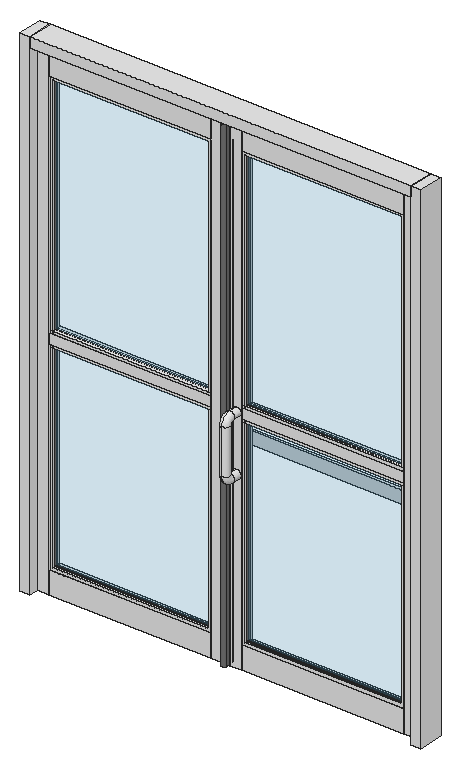
Revit family "Door_Fold_AssaAbloy_ICU-Fold-Single", category Doors, host Wall, Revit 2026 (continued)
Definition of nested family "GlassOptions_VersaMax"
  Automatic sketch dimensions
    Sweep 7 sketch curve to plane 1 "Center (Front/Back)" = 0' - 0.4062"  (x2)
    Sweep 7 sketch curve to Sweep 7 sketch curve = 0' - 0.13113"
    plane 1 "Center (Front/Back)" to Sweep 7 sketch curve = 0' - 0.4062"  (x2)
    Sweep 7 sketch curve to Sweep 7 sketch curve = 0' - 0 1/2"  (x2)
    Sweep 7 sketch curve to Sweep 7 sketch curve = 0' - 0.50971"
    Sweep 7 sketch curve to plane 1 "Center (Front/Back)" = 0' - 0 3/4"  (x2)
    plane 1 "Center (Front/Back)" to Sweep 7 sketch curve = 0' - 0 1/8"  (x2)
    plane 1 "Center (Front/Back)" to Sweep 7 sketch curve = 0' - 0 3/4"
    Sweep 7 sketch curve to Sweep 7 sketch curve = 0' - 0.3438"
    Sweep 9 sketch curve to plane 1 "Center (Front/Back)" = 0' - 0 3/4"
    plane 1 "Center (Front/Back)" to Sweep 9 sketch curve = 0' - 0 3/4"
    plane 1 "Center (Front/Back)" to Sweep 10 sketch curve = 0' - 0.50053"
    Sweep 10 sketch curve to plane 1 "Center (Front/Back)" = 0' - 0.24947"
    Sweep 10 sketch curve to plane 1 "Center (Front/Back)" = 0' - 0 1/8"
    Sweep 10 sketch curve to Sweep 10 sketch curve = 0' - 0.12447"
    plane 1 "Center (Front/Back)" to Sweep 12 sketch curve = 0' - 0 3/4"  (x2)
    Sweep 12 sketch curve to plane 1 "Center (Front/Back)" = 0' - 0 3/4"  (x2)
    Extrusion 13 sketch curve to plane 13 "Glass_Ext" = 0' - 0"  (x2)
    plane 7 "Frame_Int" to Extrusion 13 sketch curve = 0' - 0.37447"  (x2)
    Extrusion 13 sketch curve to Extrusion 13 sketch curve = 0' - 0.12447"  (x2)
    plane 13 "Glass_Ext" to Extrusion 13 sketch curve = 0' - 0.12447"  (x2)
    Sweep 14 sketch curve to plane 1 "Center (Front/Back)" = 0' - 0 7/8"
    plane 1 "Center (Front/Back)" to Sweep 14 sketch curve = 0' - 0 13/16"
    Sweep 15 sketch curve to plane 1 "Center (Front/Back)" = 0' - 0 7/8"  (x2)
    plane 1 "Center (Front/Back)" to Sweep 15 sketch curve = 0' - 0 13/16"  (x2)
    Sweep 17 sketch curve to plane 1 "Center (Front/Back)" = 0' - 0 1/4"
    profile plane to Sweep 17 sketch curve = 0' - 1.00315"
    Sweep 17 sketch curve to Sweep 17 sketch curve = 0' - 0.02528"
    Sweep 17 sketch curve to Sweep 17 sketch curve = 0' - 0.0411"
    Sweep 17 sketch curve to Sweep 17 sketch curve = 0' - 0.09434"
    Sweep 18 sketch curve to plane 1 "Center (Front/Back)" = 0' - 0 1/4"  (x2)
    Sweep 18 sketch curve to plane 1 "Center (Front/Back)" = 0' - 0.34434"
    Sweep 18 sketch curve to Sweep 18 sketch curve = 0' - 0.09434"
Definition of nested family "FoldTemplate_VersaMax"
  Parameters (values of type "FoldTemplate_VersaMax")
    width [instance] = 3' - 4 1/2"
    rotatepivot [instance] = 45.00°
    rotatehinge [instance] = 90.00°
    partialacenter [instance] = (panel width partial + 0' 2 1/2") / 2  # 0' - 8 25/32"
    panel width partial b [instance] = (panel width - 0' 1 1/4") / 2  # 1' - 5 11/16"
    panel width partial [instance] = (panel width - 0' 1 1/4") / 2 - 0' 2 5/8"  # 1' - 3 1/16"
    panel width [instance] = width - 0' 0 3/8" - (jamb width * 2)  # 3' - 0 5/8"
    jamb width [instance] = 0' - 1 3/4"
    clear opening width [instance] = 2' - 6 7/8"
    Default Elevation = 0' - 0"
  Reference planes (in)
    plane 1 "Center (Front/Back)": y = 0
    plane 2: z = 0
    plane 3 "Center (Left/Right)": x = 0
    plane 4: x = -20.25
    plane 5: x = 20.25
    plane 6: x = -18.5
    plane 7: x = 18.5
    plane 8: x = -15.75
    plane 9: x = -12.375
    plane 10: y = -15.0625
    plane 11: y = -16.3125
    plane 12: y = -34
    plane 13: y = 2.5
  Lines and regions (in)
    reference lines
      curve 1: line (-15.75, 0, 0) -> (-5.0992, -10.6508, 0)
      curve 2: line (-2.44755, -10.6508, 0) -> (10.0594, 1.85616, 0)
      curve 3: line (-1.98215, -8.41762, 0) -> (-7.28545, -13.72092, 0)
      curve 4: line (-5.17912, -8.80311, 0) -> (-1.64359, -12.33865, 0)
      curve 5: line (-3.77338, -10.20885, 0) -> (1.7067, -4.72878, 0)
      curve 6: line (-10.06842, -3.20145, 0) -> (-12.89685, -6.02988, 0)
      curve 7: line (2.56586, -3.15726, 0) -> (5.39429, -5.98568, 0)
      curve 8: line (-3.77338, -10.20885, 0) -> (-3.24305, -10.73918, 0)
    model lines
      curve 9: line (-1.82884, -11.26951, 0) -> (10.67812, 1.23744, 0)
      curve 10: line (10.67812, 1.23744, 0) -> (9.44068, 2.47487, 0)
      curve 11: line (9.44068, 2.47487, 0) -> (-3.06627, -10.03208, 0)
      curve 12: line (-3.06627, -10.03208, 0) -> (-1.82884, -11.26951, 0)
      curve 13: line (-18.13649, 1.14905, 0) -> (-5.71792, -11.26951, 0)
      curve 14: line (-5.71792, -11.26951, 0) -> (-4.48049, -10.03208, 0)
      curve 15: line (-4.48049, -10.03208, 0) -> (-16.89905, 2.38649, 0)
      curve 16: line (-16.89905, 2.38649, 0) -> (-18.13649, 1.14905, 0)
      curve 17: line (-18.5, -34, 0) -> (-18.5, -16.3125, 0)
      curve 18: line (-18.5, -34, 0) -> (-16.75, -34, 0)
      curve 19: line (-16.75, -34, 0) -> (-16.75, -16.3125, 0)
      curve 20: line (-16.75, -16.3125, 0) -> (-18.5, -16.3125, 0)
      curve 21: arc (-18.5, -34.125, 0) -> (6.49828, -24.26708, 0) -> (18.03958, 0, 0) r 36.625
  Dimensions and locks (in)
    equal spacing: plane 4, plane 3 "Center (Left/Right)", plane 5
    "jamb width": plane 4 to plane 6
    "jamb width": plane 7 to plane 5
    "width": plane 4 to plane 5
    locked: plane 6 to plane 8 at 2.75
    "panel width partial": curve 1 to curve 1
    locked: curve 1 to curve 3 at 0.625
    locked: curve 1 to curve 4 at 1.25
    "panel width partial b": curve 2 to curve 2
    locked: curve 2 to curve 5 at 1.25
    "clear opening width": plane 9 to plane 7
    equal spacing: curve 2, curve 7, curve 2
    "partialacenter": curve 6 to curve 1
    curve 8 to curve 2 = 0' - 0 5/8"
    locked: curve 8 to curve 2 at 0.625
    locked: curve 16 to curve 1 at 2.5
    locked: plane 10 to plane 11 at 1.25
    "panel width partial": plane 10 to plane 1 "Center (Front/Back)"
    "panel width partial b": plane 11 to plane 12
    locked: plane 13 to plane 1 "Center (Front/Back)" at 2.5
    locked: curve 21 to plane 6 at 0
    locked: curve 21 to plane 13 at 0
    locked: plane 6 to curve 19 at 1.75
    "panel width": radius of curve 21
    "rotatepivot": angle curve 1 to plane 1 "Center (Front/Back)"
    "rotatehinge": angle curve 4 to curve 5
    aligned and locked: plane 2 to level
    aligned and locked: plane 8 to curve 1
    aligned and locked: plane 1 "Center (Front/Back)" to curve 1
    aligned and locked: curve 3 to curve 5
    aligned and locked: curve 4 to curve 5
    aligned and locked: curve 12 to curve 2
    aligned and locked: curve 10 to curve 2
    aligned and locked: curve 14 to curve 1
    aligned and locked: curve 17 to plane 6
    aligned and locked: plane 11 to curve 20
    aligned and locked: plane 12 to curve 18
    aligned and locked: plane 1 "Center (Front/Back)" to curve 21
    aligned and locked: curve 21 to plane 6
  Automatic sketch dimensions
    curve 2 to curve 7 = 0' - 2.24629"
    curve 7 to curve 2 = 0' - 1.75371"
    curve 10 to curve 2 = 0' - 0 7/8"
    curve 2 to curve 12 = 0' - 0 7/8"
    curve 14 to curve 1 = 0' - 0 7/8"
    curve 1 to curve 15 = 0' - 0 7/8"
    curve 4 to curve 1 = 0' - 1.36302"
    curve 1 to curve 4 = 0' - 3.63698"
    curve 1 to curve 6 = 0' - 2.24629"
    curve 3 to curve 1 = 0' - 3.71682"
    curve 6 to curve 1 = 0' - 1.75371"
    curve 1 to curve 3 = 0' - 3.78318"
    curve 5 to curve 8 = 0' - 0"
    curve 8 to curve 5 = 0' - 0 3/4"
    curve 8 to curve 5 = 0' - 0"
Types (2): name | panelpartialB | panelpartialAEqualize | panelpartialA | panelA | Clear Opening Width | Panel Width | Rough Width | Model | Width | Description | Breakout Width
  36in Opening | 1' - 5 11/16" | 0' - 8 25/32" | 1' - 3 1/16" | 1' - 5 9/16" | 2' - 6 7/8" | 3' - 0 5/8" | 3' - 5" | "Besam VersaMax 2.0 VMF2-3-5" | 3' - 4 1/2" | "ASSA ABLOY ICU/CCU Single Fold Door  - Besam VersaMax 2.0 VMF2-3-5 as Specified" | 2' - 9 1/4"
  68in Opening | 2' - 9 11/32" | 1' - 4 39/64" | 2' - 6 23/32" | 2' - 9 7/32" | 5' - 2 3/16" | 5' - 7 15/16" | 6' - 0 5/16" | "Besam VersaMax 2.0 VMF2-6" | 5' - 11 13/16" | "ASSA ABLOY ICU/CCU Single Fold Door  - Besam VersaMax 2.0 VMF2-6 as Specified" | 5' - 3 9/16"
